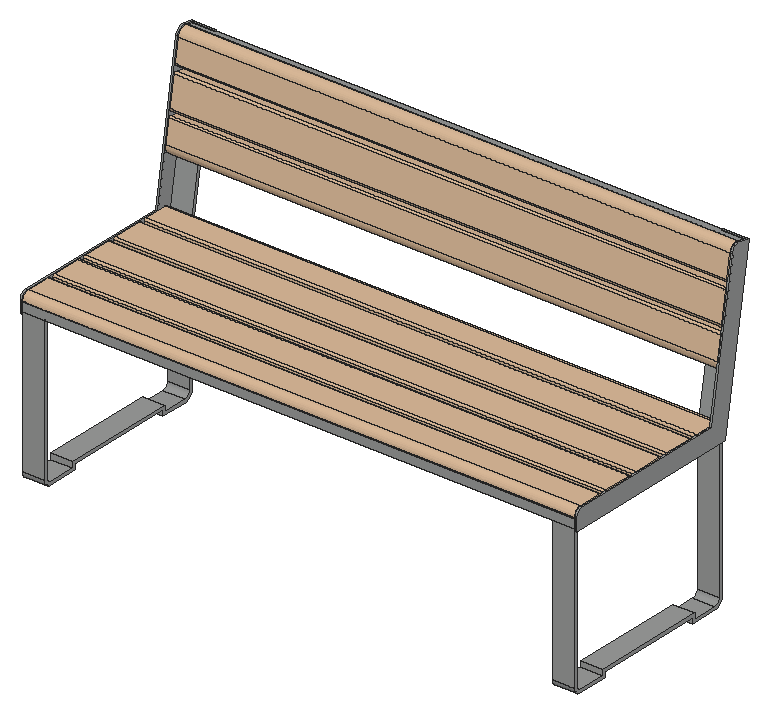
Revit family "1201-S-L", category Meble, Revit 2021
Family settings
  Numer OmniClass = 23.40.20.00
  Tytuł OmniClass = General Furniture and Specialties
  Oparty na płaszczyźnie roboczej = Nie
  Zawsze pionowo = Tak
  Tnij formami wycięć po wczytaniu = Nie
  Współdzielony = Nie
  Punkt obliczania pomieszczeń = Nie
Parameters (values of type "1201-S-L")
  wood = Mobilis Design Wood - Larch
  metal = Mobilis Design RAL 9023
  Width = "58 cm"
  Weight = "55 kg"
  URL = ""
  Seat height = "45 cm"
  Product line = "Tucana"
  Product Groups = ""
  Manufacturer = ""
  Keynote = ""
  Description = ""
  Model = "1201-S-L"
  Material = ""
  Maintenance = ""
  Lenght = "150 cm"
  Type Comments = ""
  Mobilis Design Materials = ""
  Hosted on = ""
  Height = "86 cm"
  Domyślna rzędna = 0 mm
  Copyright = "All designs and drawings are the common intellectual property of Lars Laj A/S and Tress and are protected by Danish and international copyright laws."
Reference planes
  plane 1 "front": y = 0
  plane 2: z = 0
  plane 3 "Środek (Lewa/Prawa)": x = 0
  plane 4: x = 0
Forms (mm)
  Extrusion 1, solid, material "Mobilis Design Wood - Larch" <- "wood"
    sketch origin (0, -301.99, 21.46) x (0, 1, 0) y (0, 0, 1)
      loop
        arc (260.118, 429.703) -> (256.583, 428.239) -> (255.118, 424.703) r 5
        line (255.118, 424.703) -> (255.118, 388.972)
        arc (255.118, 388.972) -> (255.693, 387.586) -> (257.078, 387.012) r 1.96
        line (257.078, 387.012) -> (342.493, 387.012)
        arc (342.493, 387.012) -> (343.908, 387.598) -> (344.493, 389.012) r 2
        line (344.493, 389.012) -> (344.493, 424.703)
        arc (344.493, 424.703) -> (343.029, 428.239) -> (339.493, 429.703) r 5
        line (339.493, 429.703) -> (260.118, 429.703)
    from -745 to 745
  Extrusion 2, solid, material "Mobilis Design Wood - Larch" <- "wood"
    sketch origin (0, -404.44, 21.46) x (0, 1, 0) y (0, 0, 1)
      loop
        arc (260.118, 429.703) -> (256.583, 428.239) -> (255.118, 424.703) r 5
        line (255.118, 424.703) -> (255.118, 388.972)
        arc (255.118, 388.972) -> (255.693, 387.586) -> (257.078, 387.012) r 1.96
        line (257.078, 387.012) -> (342.493, 387.012)
        arc (342.493, 387.012) -> (343.908, 387.598) -> (344.493, 389.012) r 2
        line (344.493, 389.012) -> (344.493, 424.703)
        arc (344.493, 424.703) -> (343.029, 428.239) -> (339.493, 429.703) r 5
        line (339.493, 429.703) -> (260.118, 429.703)
    from -745 to 745
  Extrusion 3, solid, material "Mobilis Design Wood - Larch" <- "wood"
    sketch origin (0, -506.94, 21.46) x (0, 1, 0) y (0, 0, 1)
      loop
        arc (275.801, 429.704) -> (261.616, 423.828) -> (255.74, 409.642) r 20.061
        line (255.74, 409.642) -> (255.74, 407.796) -> (259.646, 407.796) -> (259.646, 387.013) -> (343.118, 387.013)
        arc (343.118, 387.013) -> (344.532, 387.598) -> (345.117, 389.012) r 1.999
        line (345.117, 389.012) -> (345.117, 424.706)
        arc (345.117, 424.706) -> (343.653, 428.24) -> (340.119, 429.704) r 4.998
        line (340.119, 429.704) -> (275.801, 429.704)
    from -745 to 745
  Extrusion 4, solid, material "Mobilis Design Wood - Larch" <- "wood"
    sketch origin (0, -199.44, 22.625) x (0, 1, 0) y (0, 0, 1)
      loop
        arc (260.118, 428.538) -> (256.583, 427.074) -> (255.118, 423.538) r 5
        line (255.118, 423.538) -> (255.118, 387.807)
        arc (255.118, 387.807) -> (255.693, 386.421) -> (257.078, 385.847) r 1.96
        line (257.078, 385.847) -> (342.493, 385.847)
        arc (342.493, 385.847) -> (343.908, 386.433) -> (344.493, 387.847) r 2
        line (344.493, 387.847) -> (344.493, 423.538)
        arc (344.493, 423.538) -> (343.029, 427.074) -> (339.493, 428.538) r 5
        line (339.493, 428.538) -> (260.118, 428.538)
    from -745 to 745
  Extrusion 5, solid, material "Mobilis Design Wood - Larch" <- "wood"
    sketch origin (0, 641.764, 450.045) x (0, 0.173648, 0.984808) y (0, -0.984808, 0.173648)
      loop
        arc (260.118, 430.036) -> (256.583, 428.571) -> (255.118, 425.036) r 5
        line (255.118, 425.036) -> (255.118, 389.305)
        arc (255.118, 389.305) -> (255.693, 387.919) -> (257.078, 387.345) r 1.96
        line (257.078, 387.345) -> (340.844, 387.345) -> (341.15, 404.888) -> (343.753, 404.888)
        arc (343.753, 404.888) -> (338.433, 422.457) -> (321.714, 430.036) r 22.231
        line (321.714, 430.036) -> (260.118, 430.036)
    from -745 to 745
  Extrusion 6, solid, material "Mobilis Design Wood - Larch" <- "wood"
    sketch origin (0, 623.693, 348.398) x (0, 0.173648, 0.984808) y (0, -0.984808, 0.173648)
      loop
        arc (260.118, 429.703) -> (256.583, 428.239) -> (255.118, 424.703) r 5
        line (255.118, 424.703) -> (255.118, 388.972)
        arc (255.118, 388.972) -> (255.693, 387.586) -> (257.078, 387.012) r 1.96
        line (257.078, 387.012) -> (342.493, 387.012)
        arc (342.493, 387.012) -> (343.908, 387.598) -> (344.493, 389.012) r 2
        line (344.493, 389.012) -> (344.493, 424.703)
        arc (344.493, 424.703) -> (343.029, 428.239) -> (339.493, 429.703) r 5
        line (339.493, 429.703) -> (260.118, 429.703)
    from -745 to 745
  Extrusion 7, solid, material "Mobilis Design RAL 9023" <- "metal", not visible
    sketch origin (0, -500, 0) x (0, 1, 0) y (0, 0, 1)
      loop
        arc (571.187, 451.5) -> (557.045, 445.642) -> (551.187, 431.5) r 20
        line (551.187, 431.5) -> (551.187, 18.231)
        arc (551.187, 18.231) -> (556.527, 5.34) -> (569.418, 0) r 18.231
        line (569.418, 0) -> (653.638, 0) -> (653.638, 15) -> (948.638, 15) -> (948.638, 0) -> (1027.023, 0)
        arc (1027.023, 0) -> (1042.307, 6.331) -> (1048.638, 21.615) r 21.615
        line (1048.638, 21.615) -> (1048.638, 429.407)
        arc (1048.638, 429.407) -> (1042.168, 445.029) -> (1026.545, 451.5) r 22.093
        line (1026.545, 451.5) -> (571.187, 451.5)
    from 750.378 to 745
  Extrusion 8, solid, material "Mobilis Design RAL 9023" <- "metal", not visible
    sketch origin (0, -500, 0) x (0, 1, 0) y (0, 0, 1)
      loop
        line (1048.638, 396.844) -> (1129.375, 854.725) -> (1101.836, 859.581)
        arc (1101.836, 859.581) -> (1085.224, 855.898) -> (1076.082, 841.547) r 22.232
        line (1076.082, 841.547) -> (1007.306, 451.5) -> (1026.545, 451.5)
        arc (1026.545, 451.5) -> (1042.168, 445.029) -> (1048.638, 429.407) r 22.093
        line (1048.638, 429.407) -> (1048.638, 396.844)
    from 745 to 750.378
  Extrusion 9, solid, material "Mobilis Design RAL 9023" <- "metal"
    sketch origin (0, -301.96, 0) x (0, 1, 0) y (0, 0, 1)
      loop
        line (548.638, 396.844) -> (629.375, 854.725) -> (621.989, 856.027) -> (543.073, 408.472) -> (51.187, 408.472) -> (51.187, 18.763)
        arc (51.187, 18.763) -> (56.683, 5.495) -> (69.95, 0) r 18.763
        line (69.95, 0) -> (153.638, 0) -> (153.638, 15) -> (448.638, 15) -> (448.638, 0) -> (525.342, 0)
        arc (525.342, 0) -> (541.815, 6.823) -> (548.638, 23.296) r 23.296
        line (548.638, 23.296) -> (548.638, 396.844)
      loop
        line (58.687, 400.262) -> (58.687, 18.763)
        arc (58.687, 18.763) -> (61.986, 10.799) -> (69.95, 7.5) r 11.263
        line (69.95, 7.5) -> (146.138, 7.5) -> (146.138, 22.5) -> (456.138, 22.5) -> (456.138, 7.5) -> (525.342, 7.5)
        arc (525.342, 7.5) -> (536.512, 12.127) -> (541.138, 23.296) r 15.796
        line (541.138, 23.296) -> (541.138, 400.262) -> (58.687, 400.262)
    from -745 to -685
  Extrusion 10, solid, material "Mobilis Design RAL 9023" <- "metal"
    sketch origin (0, -301.96, 0) x (0, 1, 0) y (0, 0, -1)
      loop
        line (548.638, -396.844) -> (548.638, -23.296)
        arc (548.638, -23.296) -> (541.815, -6.823) -> (525.342, 0) r 23.296
        line (525.342, 0) -> (448.638, 0) -> (448.638, -15) -> (153.638, -15) -> (153.638, 0) -> (69.95, 0)
        arc (69.95, 0) -> (56.683, -5.495) -> (51.187, -18.763) r 18.763
        line (51.187, -18.763) -> (51.187, -408.472) -> (543.073, -408.472) -> (621.989, -856.027) -> (629.375, -854.725) -> (548.638, -396.844)
      loop
        line (58.687, -400.262) -> (541.138, -400.262) -> (541.138, -23.296)
        arc (541.138, -23.296) -> (536.512, -12.127) -> (525.342, -7.5) r 15.796
        line (525.342, -7.5) -> (456.138, -7.5) -> (456.138, -22.5) -> (146.138, -22.5) -> (146.138, -7.5) -> (69.95, -7.5)
        arc (69.95, -7.5) -> (61.986, -10.799) -> (58.687, -18.763) r 11.263
        line (58.687, -18.763) -> (58.687, -400.262)
    from -745 to -685
  Extrusion 11, solid, material "Mobilis Design RAL 9023" <- "metal"
    sketch origin (0, -301.96, 0) x (0, 1, 0) y (0, 0, 1)
      loop
        line (577.516, 587.237) -> (621.404, 836.143) -> (618.571, 836.643) -> (574.682, 587.737) -> (577.516, 587.237)
      loop
        line (526.966, 405.63) -> (526.966, 408.472) -> (73.579, 408.472) -> (73.579, 405.63) -> (526.966, 405.63)
    from 38.106 to -28.886
  Extrusion 12, solid, material "Mobilis Design RAL 9023" <- "metal"
    sketch origin (0, -301.96, 0) x (0, 1, 0) y (0, 0, 1)
      loop
        line (624.848, 855.34) -> (604.709, 859.052) -> (604.207, 856.208) -> (621.46, 853.027) -> (618.538, 836.456) -> (621.274, 835.952) -> (624.848, 855.34)
    from -745 to 745
  Extrusion 13, solid, material "Mobilis Design RAL 9023" <- "metal"
    sketch origin (0, 209.246, 1359.691) x (0, -0.983564, -0.180562) y (0, 0.180562, -0.983564)
      loop
        line (624.851, 855.356) -> (602.712, 859.421) -> (602.187, 856.565) -> (621.46, 853.027) -> (617.851, 832.56) -> (620.557, 832.062) -> (624.851, 855.356)
    from -745 to 745
  Extrusion 14, solid, material "Mobilis Design Wood - Larch" <- "wood"
    sketch origin (0, 710.648, 839.607) x (0, -0.173648, -0.984808) y (0, 0.984808, -0.173648)
      loop
        line (260.118, -430.036) -> (321.714, -430.036)
        arc (321.714, -430.036) -> (338.433, -422.457) -> (343.753, -404.888) r 22.231
        line (343.753, -404.888) -> (341.15, -404.888) -> (340.844, -387.345) -> (257.078, -387.345)
        arc (257.078, -387.345) -> (255.693, -387.919) -> (255.118, -389.305) r 1.96
        line (255.118, -389.305) -> (255.118, -425.036)
        arc (255.118, -425.036) -> (256.583, -428.571) -> (260.118, -430.036) r 5
    from -745 to 745
  Extrusion 15, solid, material "Mobilis Design RAL 9023" <- "metal"
    sketch origin (0, -24.083, 1584.643) x (0, 0.940353, -0.340202) y (0, 0.340202, 0.940353)
      loop
        line (624.848, -855.34) -> (621.274, -835.952) -> (618.538, -836.456) -> (621.46, -853.027) -> (604.207, -856.208) -> (604.709, -859.052) -> (624.848, -855.34)
    from -745 to 745
  Extrusion 16, solid, material "Mobilis Design RAL 9023" <- "metal"
    sketch origin (-0.872, -301.883, 0.354) x (0, -1, 0) y (0, 0, 1)
      loop
        line (-549.179, 399.908) -> (-51.11, 399.908) -> (-51.11, 432.124)
        arc (-51.11, 432.124) -> (-56.583, 445.337) -> (-69.796, 450.809) r 18.686
        line (-69.796, 450.809) -> (-507.184, 450.809) -> (-576.082, 841.547)
        arc (-576.082, 841.547) -> (-585.224, 855.898) -> (-601.836, 859.581) r 22.232
        line (-601.836, 859.581) -> (-629.375, 854.725) -> (-549.179, 399.908)
    from 745 to 750.378
  Extrusion 17, solid, material "Mobilis Design RAL 9023" <- "metal"
    sketch origin (0.872, -301.883, 0.354) x (0, -1, 0) y (0, 0, -1)
      loop
        line (-549.179, -399.908) -> (-629.375, -854.725) -> (-601.836, -859.581)
        arc (-601.836, -859.581) -> (-585.224, -855.898) -> (-576.082, -841.547) r 22.232
        line (-576.082, -841.547) -> (-507.184, -450.809) -> (-69.796, -450.809)
        arc (-69.796, -450.809) -> (-56.583, -445.337) -> (-51.11, -432.124) r 18.686
        line (-51.11, -432.124) -> (-51.11, -399.908) -> (-549.179, -399.908)
    from 745 to 750.378
  Extrusion 18, solid, material "Mobilis Design Wood - Larch" <- "wood"
    sketch origin (0, 503.505, 21.46) x (0, -1, 0) y (0, 0, -1)
      loop
        line (275.801, -429.704) -> (340.119, -429.704)
        arc (340.119, -429.704) -> (343.653, -428.24) -> (345.117, -424.706) r 4.998
        line (345.117, -424.706) -> (345.117, -389.012)
        arc (345.117, -389.012) -> (344.532, -387.598) -> (343.118, -387.013) r 1.999
        line (343.118, -387.013) -> (259.646, -387.013) -> (259.646, -407.796) -> (255.74, -407.796) -> (255.74, -409.642)
        arc (255.74, -409.642) -> (261.616, -423.828) -> (275.801, -429.704) r 20.061
    from -745 to 745
  Extrusion 19, solid, material "Mobilis Design RAL 9023" <- "metal"
    sketch origin (0, -212.68, 1359.697) x (0, 0.983564, -0.180562) y (0, 0.180562, 0.983564)
      loop
        line (624.848, -855.34) -> (620.599, -832.288) -> (617.749, -832.813) -> (621.46, -853.027) -> (602.25, -856.568) -> (602.771, -859.41) -> (624.848, -855.34)
    from -745 to 745
Dimensions and locks
  Extrusion 1 sketch curve to Extrusion 1 sketch curve = 89.375 mm
  Extrusion 1 sketch curve to Extrusion 1 sketch curve = 42.691 mm
  Extrusion 2 sketch curve to Extrusion 2 sketch curve = 89.375 mm
  Extrusion 2 sketch curve to Extrusion 2 sketch curve = 42.691 mm
  Extrusion 3 sketch curve to Extrusion 3 sketch curve = 42.691 mm
  Extrusion 4 sketch curve to Extrusion 4 sketch curve = 89.375 mm
  Extrusion 4 sketch curve to Extrusion 4 sketch curve = 42.691 mm
  Extrusion 5 sketch curve to Extrusion 5 sketch curve = 42.691 mm
  Extrusion 6 sketch curve to Extrusion 6 sketch curve = 89.375 mm
  Extrusion 6 sketch curve to Extrusion 6 sketch curve = 42.691 mm
  Extrusion 14 sketch curve to Extrusion 14 sketch curve = 42.691 mm
  Extrusion 18 sketch curve to Extrusion 18 sketch curve = 42.691 mm
  aligned and locked: level to plane 2
